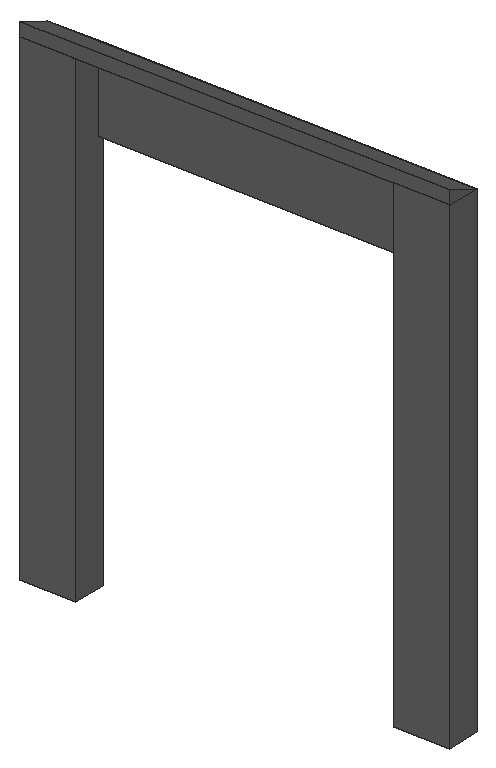
Revit family "Seals-Shelters_Serco_S-700", category Generic Models, host Wall, Revit 2026
Family settings
  Host = Wall
  Can host rebar = No
  Round Connector Dimension = Use Diameter
  Part Type = Normal
  Always vertical = Yes
  Cut with Voids When Loaded = No
  Maintain Annotation Orientation = No
  Shared = No
  Room Calculation Point = No
Parameters (values of type "9'x12' Door")
  Width = 10' - 7"
  URL = "https://www.entrematic.us/en/ent/entrematicus/"
  SidePadHeight = 12' - 0"
  Projection = 0' - 10"
  Opening = 7' - 10"
  Model = "S-700/DSH"
  Manufacturer = "Entrematic"
  DropCurtain = 2' - 0"
  Description = "Foam Dock Seal"
  Default Elevation = 0' - 0"
Types (7): name | Width | SidePadHeight | Opening
  (no name) | 10' - 7" | 12' - 0" | 7' - 10"
  8'x10' Door | 9' - 6" | 10' - 0" | 7' - 6"
  8.5'x10' Door | 10' - 0" | 10' - 0" | 7' - 8"
  9'x10' Door | 10' - 7" | 10' - 0" | 7' - 10"
  8'x12' Door | 9' - 6" | 12' - 0" | 7' - 6"
  8.5'x12' Door | 10' - 0" | 12' - 0" | 7' - 8"
  9'x12' Door | 10' - 7" | 12' - 0" | 7' - 10"
Reference planes (in)
  plane 1: y = 0
  plane 2 "Center (Left/Right)": x = 0
  plane 3 "Wall Edge": y = 3
  plane 4: x = -47
  plane 5: x = -63.5
  plane 6: x = 47
  plane 7: x = 63.5
  plane 8: z = 148
  plane 9: z = 144
  plane 10: y = 13
  plane 11: y = 3
  plane 12: y = 13.03125
  plane 13: x = 51
  plane 14: x = 54
  plane 15: x = -51
  plane 16: x = -54
  plane 17: y = 11
  plane 18: z = 120
Forms (in)
  Extrusion 1, solid, material "Skin"
    sketch origin (0, 3, 0) x (1, 0, 0) y (0, 0, 1)
      loop
        line (63.5, 144) -> (47, 144) -> (47, 0) -> (63.5, 0) -> (63.5, 144)
      loop
        line (-47, 144) -> (-63.5, 144) -> (-63.5, 0) -> (-47, 0) -> (-47, 144)
    from 0 to -10
  Extrusion 2, solid, material "Guide Stripe"
    sketch origin (0, 3, 0) x (1, 0, 0) y (0, 0, 1)
      loop
        line (54, 0) -> (54, 120) -> (51, 120) -> (51, 0) -> (54, 0)
      loop
        line (-54, 0) -> (-51, 0) -> (-51, 120) -> (-54, 120) -> (-54, 0)
    from -10.03125 to -10
  Extrusion 3, solid, material "Skin"
    sketch origin (0, 0, 48) x (0, 1, 0) y (0, 0, 1)
      loop
        line (3, 100) -> (3, 96) -> (13, 96) -> (3, 100)
    from -63.5 to 63.5
  Extrusion 4, solid, material "Skin"
    sketch origin (0, 0, 0) x (0, 1, 0) y (0, 0, 1)
      loop
        line (11, 144) -> (11, 120) -> (13, 120) -> (13, 144) -> (11, 144)
    from -47 to 47
Text (in)
  text "Placement Side" at (0, 40.15149, 123.01588), in view "Right"
  text "Placement Side" at (-70.3804, 28.46503, 0), in view "Ref. Level"
  text "Placement Side" at (0, 81.62555, 140.59947), in view "Left"
Dimensions and locks (in)
  locked: plane 3 "Wall Edge" to host wall
  equal spacing: plane 6, plane 2 "Center (Left/Right)", plane 4
  "Opening": plane 6 to plane 4
  equal spacing: plane 7, plane 2 "Center (Left/Right)", plane 5
  "Width": plane 7 to plane 5
  "SidePadHeight": level to plane 9
  "Projection": plane 10 to plane 11
  plane 12 to plane 10 = 0' - 0 1/32"
  plane 14 to plane 13 to plane 6 = 0' - 3" locked, 0' - 4" locked
  plane 16 to plane 15 to plane 4 = 0' - 3" locked, 0' - 4" locked
  locked: plane 9 to plane 8 at 4
  locked: plane 17 to plane 10 at 2
  "DropCurtain": plane 18 to plane 9
  "Projection": plane 3 "Wall Edge" to Extrusion 3 sketch curve
  aligned and locked: plane 11 to host wall
  aligned and locked: Extrusion 1 sketch curve to level
  aligned and locked: Extrusion 1 sketch curve to plane 6
  aligned and locked: Extrusion 1 sketch curve to plane 4
  aligned and locked: Extrusion 1 sketch curve to plane 5
  aligned and locked: Extrusion 1 sketch curve to plane 9
  aligned and locked: level to Extrusion 1 sketch curve
  aligned and locked: Extrusion 1 to plane 11
  aligned and locked: plane 13 to Extrusion 2 sketch curve
  aligned and locked: Extrusion 2 sketch curve to plane 14
  aligned and locked: Extrusion 2 sketch curve to plane 16
  aligned and locked: Extrusion 2 sketch curve to plane 15
  aligned and locked: level to Extrusion 2 sketch curve
  aligned and locked: Extrusion 2 to plane 10
  aligned and locked: plane 12 to Extrusion 2
  aligned and locked: Extrusion 3 sketch curve to plane 9
  aligned and locked: Extrusion 3 sketch curve to plane 11
  aligned and locked: Extrusion 3 to plane 9
  aligned and locked: Extrusion 3 to plane 5
  aligned and locked: plane 7 to Extrusion 3
  aligned and locked: plane 17 to Extrusion 4 sketch curve
  aligned and locked: Extrusion 4 sketch curve to plane 9
  aligned and locked: Extrusion 4 to plane 4
  aligned and locked: Extrusion 4 to plane 18
  aligned and locked: plane 18 to Extrusion 2  (x2)
  aligned and locked: plane 6 to Extrusion 4
  aligned and locked: Extrusion 2 to level
  aligned and locked: Extrusion 4 sketch curve to plane 10
  aligned and locked: plane 10 to Extrusion 1
  aligned and locked: plane 7 to Extrusion 1
  aligned and locked: plane 9 to Extrusion 1
Automatic sketch dimensions
  plane 7 to Extrusion 1 sketch curve = 0' - 0"
  plane 9 to Extrusion 1 sketch curve = 0' - 0"
  Extrusion 2 sketch curve to plane 9 = 2' - 0"  (x2)
  Extrusion 4 sketch curve to plane 9 = 2' - 0"
  Extrusion 2 sketch curve to level = 0' - 0"
  Extrusion 3 sketch curve to plane 8 = 0' - 0"
